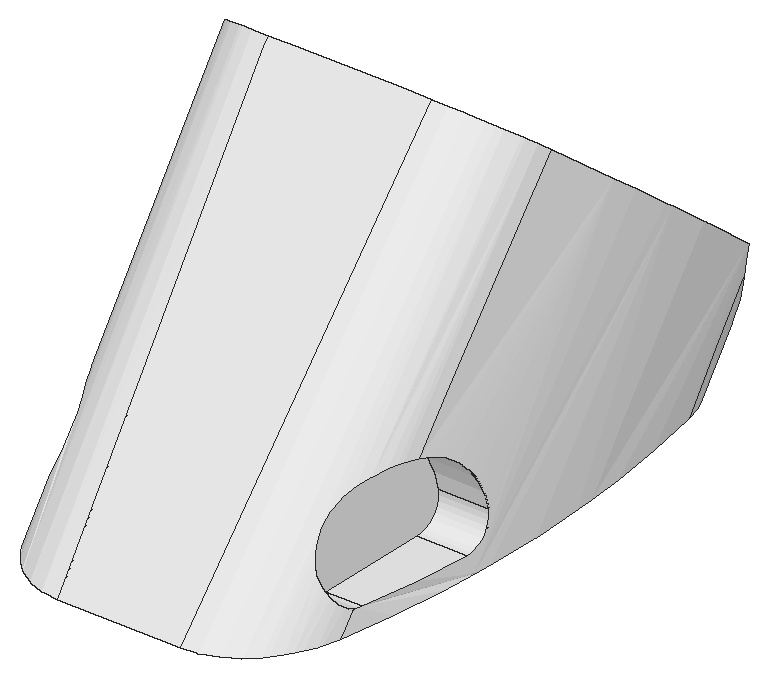
Revit family "Urinal-Rear_Spud-Sloan-SU-7419_Series", category Plumbing Fixtures, host Face, Revit 2014
Parameters (values of type "SU-7419")
  Waste Connection Radius = 1"
  Waste Connection Diameter = Waste Connection Radius * 2  # 2"
  Waste Connection = yes
  Warranty = "3 Year (Limited)"
  WFU = 5
  Vent Connection = no
  URL = "www.sloan.com"
  Type Comments = ""
  Spud Location = "Rear Spud"
  Revised Date = "5/4/2018"  # constant formula
  Price = "Prices may vary. Please consult Sloan Rep for most up-to-date price list."
  Order Code = "1107419"
  Mounting = "Wall Hung"
  Model = "SU-7419"
  Material = "Vitreous China-Sloan-White"
  Manufacturer = "Sloan"
  Length = 14 3/16"
  Height = 23 1/8"
  HWFU = 0
  HW Connection = no
  Flush Volumes and Flow Rates = "0.125 to 1.0 gpf"
  Flush Choice = "Single Flush"
  Fixture Color = "White"
  Description = "Small Designer Urinal, Rear Spud, 0.125 to 1.0 gpf"
  Default Elevation = 24"
  CWFU = 5
  CW Connection = no
  Assembly Code = "D2010210"
  ADA Compliant = yes
Types (3): name | Order Code | Model | Flush Choice | Description
  (no name) | "1107419" | "SU-7419" | "Single Flush" | "Small Designer Urinal, Rear Spud, 0.125 to 1.0 gpf"
  SU-7419 | "1107419" | "SU-7419" | "Single Flush" | "Small Designer Urinal, Rear Spud, 0.125 to 1.0 gpf"
  SU-7419-STG | "1177419" | "SU-7419-STG" | "Waterfree" | "Small Designer Urinal with SloanTec Glaze, Rear Spud, 0.125 to 1.0 gpf"
Reference planes (in)
  plane 1 "Center (Front/Back)": y = 0
  plane 2: z = 0
  plane 3 "Center (Left/Right)": x = 0
  plane 4: z = 14.1875
  plane 5: y = -24
  plane 6: y = -11
  plane 7: y = 12.125
  plane 8: x = -6.4322
  plane 9: x = 6.4322
  plane 10: y = -4.5
  plane 11: y = 10.62766
Forms (in)
  Blend 1, solid, material "Vitreous China-Soan-White"
    base sketch origin (0, -9.79691, 1.55504) x (1, 0, 0) y (0, 0.79021, -0.612836)
      loop
        arc (3.13194, 0) -> (5.09327, 0.72994) -> (6.10017, 2.56455) r 3
        arc (6.10017, 2.56455) -> (6.39728, 9.36938) -> (5.30925, 16.09323) r 33.43676
        arc (5.30925, 16.09323) -> (4.14817, 17.82905) -> (2.17054, 18.5) r 3.25
        line (2.17054, 18.5) -> (-2.17054, 18.5)
        arc (-2.17054, 18.5) -> (-4.14817, 17.82905) -> (-5.30925, 16.09323) r 3.25
        arc (-5.30925, 16.09323) -> (-6.39728, 9.36938) -> (-6.10017, 2.56455) r 33.43676
        arc (-6.10017, 2.56455) -> (-5.09327, 0.72994) -> (-3.13194, 0) r 3
        line (-3.13194, 0) -> (3.13194, 0)
    top sketch origin (0, -9.79691, 1.55504) x (1, 0, 0) y (0, 0.79021, -0.612836)
      loop
        arc (-2.91778, 18.5) -> (-4.82534, 17.81543) -> (-5.86233, 16.07415) r 3
        arc (-5.86233, 16.07415) -> (-6.4424, 9.36962) -> (-5.59521, 2.69359) r 31.7236
        arc (-5.59521, 2.69359) -> (-4.3605, 0.75478) -> (-2.18937, 0) r 3.5
        line (-2.18937, 0) -> (2.18937, 0)
        arc (2.18937, 0) -> (4.3605, 0.75478) -> (5.59521, 2.69359) r 3.5
        arc (5.59521, 2.69359) -> (6.4424, 9.36962) -> (5.86233, 16.07415) r 31.7236
        arc (5.86233, 16.07415) -> (4.82534, 17.81543) -> (2.91778, 18.5) r 3
        line (2.91778, 18.5) -> (-2.91778, 18.5)
    from 15.9862 to -5.82227
  Extrusion 2, void
    sketch origin (0, 0, 0) x (0, -1, 0) y (0, 0, 1)
      loop
        line (14.25, 0) -> (-16.5, 0) -> (-16.5, -15.74117) -> (14.25, -15.74117) -> (14.25, 0)
    from 10.72725 to -7.54923
  Extrusion 3, void
    sketch origin (0, 0, 0) x (1, 0, 0) y (0, 1, 0)
      loop
        line (-6.4322, 12.125) -> (6.4322, 12.125) -> (6.4322, 15.57047) -> (-6.4322, 15.57047) -> (-6.4322, 12.125)
    from 17.67921 to -0.03125
  Extrusion 4, void
    sketch origin (0, 0, 0) x (1, 0, 0) y (0, 1, 0)
      loop
        arc (2.11494, 0) -> (3.60627, 0.49352) -> (4.50879, 1.77924) r 2.5
        arc (4.50879, 1.77924) -> (5.10338, 4.97775) -> (4.99437, 8.22924) r 15
        arc (4.99437, 8.22924) -> (4.15734, 9.76386) -> (2.51959, 10.375) r 2.5
        line (2.51959, 10.375) -> (-2.51959, 10.375)
        arc (-2.51959, 10.375) -> (-4.15734, 9.76386) -> (-4.99437, 8.22924) r 2.5
        arc (-4.99437, 8.22924) -> (-5.10338, 4.97775) -> (-4.50879, 1.77924) r 15
        arc (-4.50879, 1.77924) -> (-3.60627, 0.49352) -> (-2.11494, 0) r 2.5
        line (-2.11494, 0) -> (2.11494, 0)
    from 17.67921 to 3.16618
  Extrusion 5, void
    sketch origin (0, 0, 0) x (0, -1, 0) y (0, 0, 1)
      loop
        arc (7.84946, 2.37507) -> (4.40692, 4.70323) -> (1.32909, 1.91067) r 3.36432
        arc (1.32909, 1.91067) -> (1.55097, 1.09804) -> (2.31498, 0.74325) r 1
        line (2.31498, 0.74325) -> (6.6592, 0.74325)
        arc (6.6592, 0.74325) -> (7.6691, 1.25663) -> (7.84946, 2.37507) r 1.25
    from -4.41403 to -6.7949
  Extrusion 6, void
    sketch origin (0, 0, 0) x (0, -1, 0) y (0, 0, -1)
      loop
        arc (7.84946, -2.37507) -> (7.6691, -1.25663) -> (6.6592, -0.74325) r 1.25
        line (6.6592, -0.74325) -> (2.31498, -0.74325)
        arc (2.31498, -0.74325) -> (1.55097, -1.09804) -> (1.32909, -1.91067) r 1
        arc (1.32909, -1.91067) -> (4.40692, -4.70323) -> (7.84946, -2.37507) r 3.36432
    from -4.41403 to -6.7949
  Revolve 7, solid
    sketch origin (0, 0.23977, 1.6121) x (0, 1, 0) y (0, 0, 1)
      loop
        arc (0, 6) -> (-0.05589, 6.74551) -> (-0.22232, 7.47436) r 5
        arc (-0.22232, 7.47436) -> (-0.28228, 7.54744) -> (-0.37627, 7.55764) r 0.125
        line (-0.37627, 7.55764) -> (-0.78261, 6) -> (0, 6)
      axis (0, 6) -> (-0.78261, 6)
    angle from 0 to 360
  Revolve 8, solid
    sketch origin (0, 0, 0) x (0, 1, 0) y (0, 0, 1)
      loop
        line (-4.5, 1.24332) -> (-4.5, 0) -> (-3.25, 0) -> (-3.25, 1.24332) -> (-4.5, 1.24332)
      axis (-4.5, 0) -> (-4.5, 1.24332)
    angle from 0 to 360
  Revolve 9, solid
    sketch origin (0, 0, 0) x (0, 1, 0) y (0, 0, 1)
      loop
        line (9.62766, 0) -> (9.62766, -0.5) -> (9.98516, -0.5) -> (9.98516, -0.75) -> (10.10399, -0.75) -> (10.10399, -1.12759) -> (10.62766, -1.12759) -> (10.62766, 0) -> (9.62766, 0)
      axis (10.62766, -1.12759) -> (10.62766, 0)
    angle from 0 to 360
Cuts and joins
  Extrusion 2, Extrusion 3, Extrusion 4, Extrusion 5, Extrusion 6 cuts Blend 1
Lines and regions (in)
  Masking region 1
    outline origin (0, 0, 0) x (1, 0, 0) y (0, 0, 1)
      loop
        line (6.41907, 0) -> (6.41907, 11.56922)
        arc (6.41907, 11.56922) -> (5.65219, 13.42062) -> (3.80079, 14.1875) r 2.61828
        line (3.80079, 14.1875) -> (-3.80079, 14.1875)
        arc (-3.80079, 14.1875) -> (-5.65219, 13.42062) -> (-6.41907, 11.56922) r 2.61828
        line (-6.41907, 11.56922) -> (-6.41907, 0) -> (6.41907, 0)
  symbolic lines, detail levels medium+fine
    curve 1: spline (4.99415, 0, 7.80529) -> (5.06162, 0, 8.22289) -> (5.10948, 0, 8.64152) -> (5.1377, 0, 9.06081) -> (5.14625, 0, 9.48042) -> (5.13512, 0, 9.90001) -> (5.10432, 0, 10.31924) -> (5.05388, 0, 10.73774) -> (4.98384, 0, 11.15519) -> (4.89425, 0, 11.57123) -> (4.78519, 0, 11.98552) -> (4.65676, 0, 12.39772) -> (4.50905, 0, 12.80749)
    curve 2: line (4.50905, 0, 12.80749) -> (2.11494, 0, 14.1875)
    curve 3: line (2.51959, 0, 6.14132) -> (4.99415, 0, 7.80529)
    curve 4: line (-2.51959, 0, 6.14132) -> (2.51959, 0, 6.14132)
    curve 5: line (-4.99415, 0, 7.80529) -> (-2.51959, 0, 6.14132)
    curve 6: spline (-4.50905, 0, 12.80749) -> (-4.65676, 0, 12.39772) -> (-4.78519, 0, 11.98552) -> (-4.89425, 0, 11.57123) -> (-4.98384, 0, 11.15519) -> (-5.05388, 0, 10.73774) -> (-5.10432, 0, 10.31924) -> (-5.13512, 0, 9.90001) -> (-5.14625, 0, 9.48042) -> (-5.1377, 0, 9.06081) -> (-5.10948, 0, 8.64152) -> (-5.06162, 0, 8.22289) -> (-4.99415, 0, 7.80529)
    curve 7: line (-2.11494, 0, 14.1875) -> (-4.50905, 0, 12.80749)
    curve 8: line (6.41907, 0, 4.78414) -> (-6.41907, 0, 4.78414)
Dimensions and locks (in)
  plane 5 to plane 1 "Center (Front/Back)" = 24"
  plane 6 to plane 7 = 23 1/8"
  plane 1 "Center (Front/Back)" to plane 7 = 12 1/8"
  plane 4 to plane 2 = 14 3/16"
  plane 10 to plane 1 "Center (Front/Back)" = 4 1/2"
  plane 11 to plane 7 = 1.49734"
  aligned and locked: plane 2 to host face
  aligned and locked: level to host face
Connectors (in)
  piping at (0, -4.5, 0), diameter 2, driven by "WFU", driven by "Waste Connection Radius"
    settings: on Revolve 8, index 1, connector inside diameter 24", connector length 0", flow factor 0, pipe flow 0 GPM, pressure drop 0.00 psi, fitting loss kfactor 0, connector angle 0.00°, fixture units 5, engagement length 0", angle of deflection 0.00°, flow configuration 3, flow direction 2, fitting loss method 0, system type 16, joint type 0, gender type 0, connector reference index -1, connector utility 0, adjustable connector no, is connector primary yes, connector description "Sanitary Connection"
